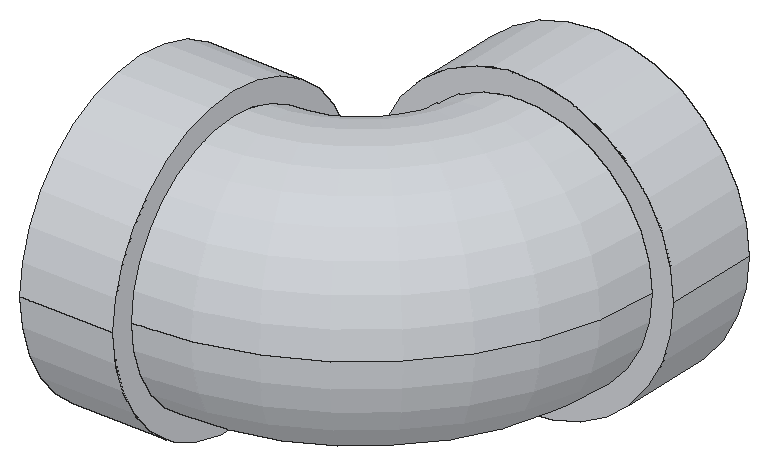
Revit family "M_Ventilação em L - PVC - Sch 40 - DWV", category Conexões de tubo, Revit 2019
Family settings
  Cota do conector redondo = Usar raio
  Tipo de parte = Cotovelo
  Número OmniClass = 23.60.30.11.14
  Título OmniClass = Pipework Fittings
  ID de item do Seek = Ell Vent - PVC - Sch 40 - DWV-0000-CAN-ENU
  Com base no plano de trabalho = Não
  Sempre na vertical = Sim
  Corte com vazios quando carregada = Não
  Compartilhado = Não
Parameters (values of type "Padrão")
  Espessura da parede [instance] = size_lookup(Nome da tabela de pesquisa, "WThk", 0.02 * Diâmetro nominal + 3.274 mm, Diâmetro nominal)  # 3.962 mm
  Tamanho da marca de revisão [instance] = Diâmetro externo da conexão * 0.4  # 19.304 mm
  Método de perda = Não definido
  Nome da tabela de pesquisa = "M_Ell Vent - PVC - Sch 40 - DWV"
  Comprimento 4 [instance] = Comprimento 1 * sin(Ângulo)  # 47.612 mm
  Comprimento 3 [instance] = Comprimento 1 * cos(Ângulo) + Comprimento 1  # 47.612 mm
  Raio externo da conexão [instance] = Diâmetro externo da conexão / 2  # 24.13 mm
  Diâmetro externo da conexão [instance] = size_lookup(Nome da tabela de pesquisa, "FOD", 1.04 * Diâmetro nominal + 9.128 mm, Diâmetro nominal)  # 48.26 mm
  Comprimento 2 [instance] = (Raio externo da conexão + 0.794 mm) * tan(Ângulo / 2) + Profundidade do soquete  # 42.374 mm
  Raio nominal [instance] = 20 mm
  Diâmetro nominal [instance] = Raio nominal * 2  # 40 mm
  Diâmetro da entrada do soquete [instance] = size_lookup(Nome da tabela de pesquisa, "SED", 1.04 * Diâmetro nominal + 9.426 mm, Diâmetro nominal)  # 48.641 mm
  Comprimento 1 [instance] = if(Centro ao final > Raio externo da conexão * tan(Ângulo / 2) + Profundidade do soquete, Centro ao final, Comprimento 2)  # 47.612 mm
  Centro para inferior do soquete [instance] = size_lookup(Nome da tabela de pesquisa, "CtSB", 0.45 * Diâmetro nominal + 13.99 mm, Diâmetro nominal)  # 30.163 mm
  Centro ao final [instance] = Centro para inferior do soquete + Profundidade do soquete  # 47.612 mm
  Raio do centro [instance] = (Comprimento 1 - Profundidade do soquete) / tan(Ângulo / 2)  # 30.163 mm
  Profundidade do soquete [instance] = size_lookup(Nome da tabela de pesquisa, "SDpt", 0.5 * Diâmetro nominal, Diâmetro nominal)  # 17.45 mm
  Raio externo do soquete [instance] = Diâmetro externo do soquete / 2  # 28.283 mm
  Diâmetro externo do soquete [instance] = Diâmetro da entrada do soquete + Espessura da parede * 2  # 56.566 mm
  Assembly Code = ""
  Ângulo [instance] = 90.00°
Reference planes
  plane 1 "Centro (Frente/Trás)": y = 0
  plane 2: z = 0
  plane 3 "Centro (Esquerda/Direita)": x = 0
  plane 4: x = -30.162
  plane 5: x = -47.612
  plane 6: y = 30.162
  plane 7: y = 19.304
  plane 8: y = -19.304
  plane 9: y = 47.612
  plane 10: x = 0
Forms (mm)
  Sweep 1, solid, detail levels fine
    path in 3D
      loop
        arc (-30.162, 0, 0) -> (-8.834, 8.834, 0) -> (0, 30.162, 0) r 30.163
    profile origin (-8.834, 8.834, 0) x (-0.707107, 0.707107, 0) y (0, 0, 1)
      loop
        circle (0, 0) r 24.13
  Sweep 2, solid, detail levels fine
    path in 3D
      loop
        line (-47.612, 0, 0) -> (-30.162, 0, 0)
    profile origin (-38.887, 0, 0) x (0, 1, 0) y (0, 0, 1)
      loop
        circle (0, 0) r 28.283
  Sweep 3, solid, detail levels fine
    path in 3D
      loop
        line (0, 30.162, 0) -> (0, 47.612, 0)
    profile origin (0, 38.887, 0) x (-1, 0, 0) y (0, 0, 1)
      loop
        circle (0, 0) r 28.283
Cuts and joins
  joined: Sweep 1, Sweep 2, Sweep 3
Lines and regions (mm)
  model lines, detail levels coarse+medium
    curve 1: line (-47.612, 0, 0) -> (-30.162, 0, 0)
    curve 2: arc (-30.162, 0, 0) -> (-8.834, 8.834, 0) -> (0, 30.162, 0) r 30.163
    curve 3: line (0, 30.162, 0) -> (0, 47.612, 0)
    curve 8: line (-47.612, 0, 0) -> (-47.612, 19.304, 0)
    curve 9: line (-47.612, 0, 0) -> (-47.612, -19.304, 0)
    curve 10: line (0, 47.612, 0) -> (-19.304, 47.612, 0)
    curve 11: line (0, 47.612, 0) -> (19.304, 47.612, 0)
  sketch lines
    curve 4: arc (-30.162, 0, 0) -> (-8.834, 8.834, 0) -> (0, 30.162, 0) r 30.163
    curve 5: line (-47.612, 0, 0) -> (-30.162, 0, 0)
    curve 6: line (0, 30.162, 0) -> (0, 47.612, 0)
  reference lines
    curve 7: line (-47.612, 0, 0) -> (-30.162, 0, 0)
    curve 12: line (0, 47.612, 0) -> (0, 30.162, 0)
Dimensions and locks
  "Raio do centro": plane 6 to plane 1 "Centro (Frente/Trás)"
  "Profundidade do soquete": plane 5 to plane 4
  "Tamanho da marca de revisão": plane 7 to plane 1 "Centro (Frente/Trás)"
  "Tamanho da marca de revisão": plane 8 to plane 1 "Centro (Frente/Trás)"
  "Profundidade do soquete": curve 3 to curve 3
  "Tamanho da marca de revisão": curve 10 to curve 10
  "Tamanho da marca de revisão": curve 11 to curve 11
  "Comprimento 1": plane 5 to plane 3 "Centro (Esquerda/Direita)"
  "Comprimento 3": plane 5 to plane 10
  "Comprimento 4": plane 9 to plane 1 "Centro (Frente/Trás)"
  "Raio do centro": radius of curve 2
  "Raio externo da conexão": radius of Sweep 1 sketch curve
  "Raio externo do soquete": radius of Sweep 2 sketch curve
  "Raio externo do soquete": radius of Sweep 3 sketch curve
  "Ângulo": angle curve 2 to curve 2
  "Ângulo": angle plane 1 "Centro (Frente/Trás)" to curve 3
  locked: curve 11 to curve 3 (angle 90.00°)
  locked: curve 3 to curve 10 (angle 90.00°)
  "Ângulo": angle plane 9 to curve 12
  aligned and locked: plane 4 to curve 2
  aligned and locked: plane 5 to curve 7
  aligned and locked: plane 1 "Centro (Frente/Trás)" to curve 7
  aligned and locked: plane 7 to curve 8
  aligned and locked: plane 1 "Centro (Frente/Trás)" to curve 9
  aligned and locked: plane 8 to curve 9
  aligned and locked: curve 9 to plane 5
  aligned and locked: plane 10 to curve 12
  aligned and locked: plane 9 to curve 12
Automatic sketch dimensions
  Sweep 1 sketch curve to profile plane = 0 mm  (x2)
  Sweep 2 sketch curve to profile plane = 0 mm  (x2)
  Sweep 3 sketch curve to profile plane = 0 mm  (x2)
  curve 7 to plane 4 = 0 mm
Connectors
  piping at (-47.612, 0, 0), diameter 40, driven by "Ângulo", driven by "Raio nominal"
    settings: on cut or joined group of Sweep 1, Sweep 2, Sweep 3, index 1, connector inside diameter 40 mm, connector length 0 mm, flow factor 0, pipe flow 0.0 L/s, pressure drop 0.0 Pa, fitting loss kfactor 0, connector angle 90.00°, fixture units 0, engagement length 0 mm, angle of deflection 0.00°, flow configuration 0, flow direction 0, fitting loss method 0, system type 28, joint type 0, gender type 0, connector reference index 2, connector utility 0, adjustable connector no, is connector primary yes, connector description ""
  piping at (0, 47.612, 0), diameter 40, driven by "Ângulo", driven by "Raio nominal"
    settings: on cut or joined group of Sweep 1, Sweep 2, Sweep 3, index 2, connector inside diameter 40 mm, connector length 0 mm, flow factor 0, pipe flow 0.0 L/s, pressure drop 0.0 Pa, fitting loss kfactor 0, connector angle 90.00°, fixture units 0, engagement length 0 mm, angle of deflection 0.00°, flow configuration 0, flow direction 0, fitting loss method 0, system type 28, joint type 0, gender type 0, connector reference index 1, connector utility 0, adjustable connector no, is connector primary no, connector description ""
